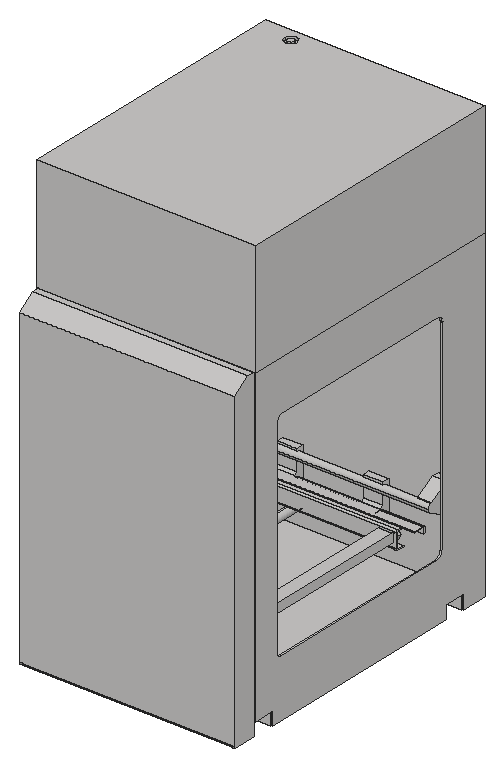
Revit family "QF_ZANUSSI_534411_NCDSRE56", category Specialty Equipment, Revit 2018
Family settings
  Round Connector Dimension = Use Diameter
  Part Type = Normal
  Work Plane-Based = No
  Always vertical = Yes
  Cut with Voids When Loaded = No
  Shared = No
  Room Calculation Point = No
Parameters (values of type "QF_ZANUSSI_534411_NCDSRE56")
  Weight = 40.00 kg
  Watts = 408.773 W
  Volts = 380 V
  URL Manufacturer = "http://www.zanussiprofessional.com"
  URL = "http://www.zanussiprofessional.com"
  Steam Supply Size = 0 mm
  Steam Supply Minimum Pressure = 0.0 Pa
  Steam Supply Maximum Pressure = 0.0 Pa
  Steam Pounds per Hour = 0
  Show Clearance [instance] = yes
  Refrigeration Suction Line Size = 0 mm
  Refrigeration Liquid Line Size = 0 mm
  Refrigerant Compressor Remote = yes
  Manufacturer = "Zanussi"
  Phase = 3
  Model = "NCDSRE56"
  Length Actual = 872 mm  # constant formula
  Item Number = "534411"
  Hot Water Size = 0 mm
  Height Actual = 877 mm  # constant formula
  HP = "5.9 HP"
  Gas Size = 0 mm
  Gas KW = 0
  Gas Input Pressure = 0 W
  Description = "CORNER DRYER FOR SINGLE RINSE RT, ELECTRIC, 50HZ & 60HZ"
  Depth Actual = 872 mm  # constant formula
  Cycle = 60 Hz
  Condensate Return Size = 0 mm
  Compressed Air Volume = 0.0 L/s
  Compressed Air Size = 0 mm
  Compressed Air Pressure = 0.0 Pa
  Cold Water Size = 0 mm
  Accessory = yes
Types (2, lengths in mm): name | URL | Manufacturer | Phase | Model | Description
  (no name) | 0 | 0 | 0 | 0 | 0
  QF_ZANUSSI_534411_NCDSRE56 | "http://www.zanussiprofessional.com" | "Zanussi" | 3 | "NCDSRE56" | "CORNER DRYER FOR SINGLE RINSE RT, ELECTRIC, 50HZ & 60HZ"
Values of the unnamed type that differ from the named types
  Watts = 0 W
  Volts = 0 V
  URL Manufacturer = ""
  Item Number = ""
  HP = ""
  Cycle = 0 Hz
Reference planes
  plane 1: z = 0
  plane 2 "Center Y": x = 293.437
  plane 3 "LEFT": x = 13.437
  plane 4 "RIGHT": x = 573.437
  plane 5 "BACK": y = 383.258
  plane 6 "FRONT": y = -408.742
  plane 7: z = 150
  plane 8: y = -16.742
Forms (mm)
  Extrusion 1, solid, material "QF_Clearance", visible <- "Show Clearance", detail levels coarse
    sketch origin (0, 0, 0) x (1, 0, 0) y (0, 1, 0)
      loop
        line (13.437, 383.258) -> (573.437, 383.258) -> (573.437, 433.258) -> (13.437, 433.258) -> (13.437, 383.258)
    from 658 to 1785
  Extrusion 2, solid, material "QF_Finishes_Stainless Steel"
    sketch origin (13.437, 437.565, 4000) x (0, 1, 0) y (0, 0, 1)
      loop
        line (-730.807, -3340) -> (-177.807, -3340) -> (-177.807, -3305) -> (-121.807, -3305) -> (-121.807, -3340) -> (-54.307, -3340) -> (-54.307, -2507) -> (-786.307, -2507) -> (-786.307, -3305) -> (-730.807, -3305) -> (-730.807, -3340)
      loop
        arc (-206.509, -3192.258) -> (-194.345, -3187.22) -> (-189.307, -3175.057) r 17.201
        line (-189.307, -3175.057) -> (-189.307, -2652.201)
        arc (-189.307, -2652.201) -> (-194.345, -2640.038) -> (-206.509, -2635) r 17.201
        line (-206.509, -2635) -> (-702.106, -2635)
        arc (-702.106, -2635) -> (-714.269, -2640.038) -> (-719.307, -2652.201) r 17.201
        line (-719.307, -2652.201) -> (-719.307, -3175.057)
        arc (-719.307, -3175.057) -> (-714.269, -3187.22) -> (-702.106, -3192.258) r 17.201
        line (-702.106, -3192.258) -> (-206.509, -3192.258)
    from 0 to 5
  Extrusion 3, solid, material "QF_Finishes_Stainless Steel"
    sketch origin (293.437, 0, 235) x (0, 1, 0) y (0, 0, 1)
      loop
        line (383.258, 1550) -> (-348.742, 1550) -> (-348.742, 1258) -> (383.258, 1258) -> (383.258, 1550)
    from -280 to 280
  Extrusion 4, solid, material "QF_Finishes_Stainless Steel"
    sketch origin (293.437, 0, 0) x (0, 1, 0) y (0, 0, 1)
      loop
        line (383.258, 1493) -> (-348.742, 1493) -> (-348.742, 695) -> (-293.242, 695) -> (-293.242, 658) -> (259.758, 658) -> (259.758, 695) -> (315.758, 695) -> (315.758, 658) -> (383.258, 658) -> (383.258, 1493)
      loop
        line (-331.742, 710) -> (308.258, 710) -> (308.258, 1443) -> (-331.742, 1443) -> (-331.742, 710)
    from -275 to 275
  Extrusion 5, solid, material "QF_Finishes_Stainless Steel"
    sketch origin (573.437, 479.936, 4000) x (0, 1, 0) y (0, 0, 1)
      loop
        line (-248.879, -2635) -> (-744.477, -2635)
        arc (-744.477, -2635) -> (-756.64, -2640.038) -> (-761.678, -2652.201) r 17.201
        line (-761.678, -2652.201) -> (-761.678, -3175.057)
        arc (-761.678, -3175.057) -> (-756.64, -3187.22) -> (-744.477, -3192.258) r 17.201
        line (-744.477, -3192.258) -> (-248.879, -3192.258)
        arc (-248.879, -3192.258) -> (-236.716, -3187.22) -> (-231.678, -3175.057) r 17.201
        line (-231.678, -3175.057) -> (-231.678, -2652.201)
        arc (-231.678, -2652.201) -> (-236.716, -2640.038) -> (-248.879, -2635) r 17.201
      loop
        line (-220.178, -3340) -> (-220.178, -3305) -> (-164.178, -3305) -> (-164.178, -3340) -> (-96.678, -3340) -> (-96.678, -2507) -> (-828.678, -2507) -> (-828.678, -3305) -> (-773.178, -3305) -> (-773.178, -3340) -> (-220.178, -3340)
    from -5 to 0
  Extrusion 6, void
    sketch origin (293.437, 383.258, 1785) x (1, 0, 0) y (0, -1, 0)
      loop
        circle (-188, 33.75) r 8
      loop
        circle (-188, 33.75) r 16
    from 0 to 5
  Revolve 7, solid, material "QF_Finishes_Gray"
    sketch origin (360.437, -16.742, 0) x (1, 0, 0) y (0, 0, -1)
      loop
        line (0, -658) -> (39.084, -658) -> (39.084, -648.685) -> (28.095, -648.685) -> (28.095, -636.039) -> (22.236, -632.656) -> (22.236, -612) -> (0, -612) -> (0, -658)
      axis (0, -612) -> (0, -658)
    angle from 0 to 360
Cuts and joins
  Extrusion 6 cuts Extrusion 3
Lines and regions (mm)
  symbolic lines, style "QF_Clearances", visible <- "Show Clearance", detail levels coarse
    curve 1: line (573.437, 433.258, 1785) -> (13.437, 433.258, 1785)
  symbolic lines
    curve 2: line (13.437, 383.258, 0) -> (573.437, 383.258, 0)
    curve 3: line (13.437, -348.742, 0) -> (13.437, 383.258, 0)
    curve 4: line (573.437, -348.742, 0) -> (13.437, -348.742, 0)
    curve 5: line (573.437, 383.258, 0) -> (573.437, -348.742, 0)
    curve 6: line (13.437, 308.258, 0) -> (573.437, 308.258, 0)
    curve 7: line (573.437, -281.742, 0) -> (13.437, -281.742, 0)
Dimensions and locks
  plane 3 "LEFT" to plane 4 "RIGHT" = 560 mm
  plane 5 "BACK" to plane 6 "FRONT" = 792 mm  (x2)
  plane 7 to level = 150 mm
  Extrusion 1 to Extrusion 6 sketch curve = 92 mm
  aligned and locked: level to plane 1
  aligned and locked: cut or joined group of Extrusion 3, Extrusion 6 to plane 3 "LEFT"
  aligned and locked: plane 4 "RIGHT" to cut or joined group of Extrusion 3, Extrusion 6
Nested families
  nested 1: "Door_22'' Dryer" at (50, 3, 0), Show Clearance <- "Show Clearance", type "Door_22'' Dryer"
  nested 2: "Basket_Guide+Wash_Arm_22''" at (0, 0, 0), type "Basket_Guide+Wash_Arm_22''"
Connectors
  electrical at (105.437, 349.508, 1785), driven by "Volts"
    settings: on cut or joined group of Extrusion 3, Extrusion 6, index 5, voltage 380 V, apparent load 0 VA, apparent load phase1 0 VA, apparent load phase2 0 VA, apparent load phase3 0 VA, power factor 1, load classification "Altro", number of poles 1, system type 30, power factor state 1, is connector primary yes, connector utility no, sub classification motor no, connector description "Electrical Connection"
  piping at (360.437, -16.742, 612), diameter 40
    settings: on Revolve 7, index 6, connector inside diameter 609.6 mm, connector length 0 mm, flow factor 0, pipe flow 0.0 L/s, pressure drop 0.0 Pa, fitting loss kfactor 0, connector angle 0.00°, fixture units 0, engagement length 0 mm, angle of deflection 0.00°, flow configuration 1, flow direction 2, fitting loss method 0, system type 16, joint type 0, gender type 0, connector reference index -1, connector utility 0, adjustable connector no, is connector primary yes, connector description "Drain"
Definition of nested family "Door_22'' Dryer"
  Parameters
    Show Clearance [instance] = yes
  Reference planes
    plane 1: z = 0
    plane 2 "Center Y": x = 243.437
    plane 3 "LEFT": x = -36.563
    plane 4 "RIGHT": x = 523.437
    plane 5 "FRONT": y = -411.742
    plane 6: z = 150
    plane 7 "TOP": z = 1785
    plane 8: z = 2095
    plane 9: y = -351.742
  Forms (mm)
    Extrusion 1, solid
      sketch origin (243.437, 0, 0) x (0, 1, 0) y (0, 0, 1)
        loop
          line (-351.742, 658) -> (-351.742, 1493) -> (-371.817, 1493) -> (-411.742, 1463.413) -> (-411.742, 660.5)
          arc (-411.742, 660.5) -> (-411.01, 658.732) -> (-409.242, 658) r 2.5
          line (-409.242, 658) -> (-351.742, 658)
      from -275 to 275
  Lines and regions (mm)
    symbolic lines
      curve 1: line (-31.563, -411.742, 1785) -> (-31.563, -351.742, 1785)
      curve 2: line (518.437, -411.742, 1785) -> (-31.563, -411.742, 1785)
      curve 3: line (518.437, -351.742, 1785) -> (518.437, -411.742, 1785)
  Dimensions and locks
    plane 3 "LEFT" to plane 4 "RIGHT" = 560 mm
    plane 7 "TOP" to plane 6 to level = 1635 mm, 150 mm
    equal spacing: plane 3 "LEFT", plane 2 "Center Y", plane 4 "RIGHT"
    aligned and locked: level to plane 1
  Automatic sketch dimensions
    Extrusion 1 sketch curve to plane 5 "FRONT" = 0 mm
    plane 5 "FRONT" to Extrusion 1 sketch curve = 2.5 mm
    curve 1 to plane 9 = 0 mm
    curve 3 to plane 9 = 0 mm
    curve 2 to plane 5 "FRONT" = 0 mm
    plane 6 to Extrusion 1 sketch curve = 508 mm
    plane 3 "LEFT" to curve 1 = 5 mm
    curve 2 to plane 4 "RIGHT" = 5 mm
    Extrusion 1 sketch curve to plane 9 = 20.076 mm
    Extrusion 1 sketch curve to plane 7 "TOP" = 292 mm
    Extrusion 1 sketch curve to plane 9 = 0 mm
    Extrusion 1 sketch curve to Extrusion 1 sketch curve = 29.587 mm
Definition of nested family "Basket_Guide+Wash_Arm_22''"
  Reference planes
    plane 1: z = 0
    plane 2 "Center Y": x = 293.437
    plane 3 "LEFT": x = 13.437
    plane 4 "RIGHT": x = 573.437
    plane 5: z = 150
    plane 6 "TOP": z = 1785
    plane 7: z = 875
    plane 8: y = 383.258
    plane 9: y = -408.742
  Forms (mm)
    Extrusion 1, solid
      sketch origin (293.437, 0, 0) x (0, 1, 0) y (0, 0, 1)
        loop
          line (-283.687, 929.245) -> (-331.742, 956.99) -> (-331.742, 879.81) -> (-283.687, 907.554) -> (-283.687, 929.245)
        loop
          line (240.203, 929.245) -> (240.203, 907.554) -> (288.258, 879.81) -> (308.258, 879.81) -> (308.258, 956.99) -> (288.258, 956.99) -> (240.203, 929.245)
      from 259 to 223
    Extrusion 2, solid
      sketch origin (293.437, 0, 0) x (0, 1, 0) y (0, 0, 1)
        loop
          line (-283.687, 880.8) -> (-283.687, 933.4) -> (-301.108, 933.4) -> (-301.108, 856.308) -> (-249.185, 804.385) -> (-240.463, 763.388) -> (-239.485, 763.596) -> (-248.268, 804.882) -> (-277.084, 833.698) -> (-240.687, 833.698) -> (-240.687, 855.89) -> (-260.687, 855.89) -> (-260.687, 872.8) -> (-275.687, 872.8) -> (-283.687, 880.8)
        loop
          line (240.203, 880.8) -> (232.203, 872.8) -> (217.203, 872.8) -> (217.203, 855.89) -> (197.203, 855.89) -> (197.203, 833.698) -> (235.015, 833.698) -> (257.624, 856.308) -> (257.624, 933.4) -> (240.203, 933.4) -> (240.203, 880.8)
        loop
          line (-266.685, 1443) -> (-266.685, 1420.164) -> (-244.067, 1380.988) -> (-242.335, 1381.988) -> (-264.685, 1420.7) -> (-264.685, 1443) -> (-266.685, 1443)
      from 135 to 85
    Extrusion 3, solid
      sketch origin (293.437, 0, 0) x (0, 1, 0) y (0, 0, 1)
        loop
          line (-238.687, 858) -> (-238.687, 836) -> (195.203, 836) -> (195.203, 858) -> (-238.687, 858)
      from 195 to 160
    Extrusion 4, solid
      sketch origin (293.437, 0, 0) x (0, 1, 0) y (0, 0, 1)
        loop
          line (-283.687, 929.245) -> (-331.742, 956.99) -> (-331.742, 879.81) -> (-283.687, 907.554) -> (-283.687, 929.245)
        loop
          line (240.203, 929.245) -> (240.203, 907.554) -> (288.258, 879.81) -> (308.258, 879.81) -> (308.258, 956.99) -> (288.258, 956.99) -> (240.203, 929.245)
      from -259 to -223
    Extrusion 5, solid
      sketch origin (293.437, 0, 0) x (0, 1, 0) y (0, 0, 1)
        loop
          circle (-283.687, 918.4) r 10
        loop
          circle (240.203, 918.4) r 10
      from -259 to 259
    Extrusion 6, solid
      sketch origin (293.437, 0, 0) x (0, 1, 0) y (0, 0, 1)
        loop
          line (-283.687, 880.8) -> (-283.687, 933.4) -> (-301.108, 933.4) -> (-301.108, 856.308) -> (-249.185, 804.385) -> (-240.463, 763.388) -> (-239.485, 763.596) -> (-248.268, 804.882) -> (-277.084, 833.698) -> (-240.687, 833.698) -> (-240.687, 855.89) -> (-260.687, 855.89) -> (-260.687, 872.8) -> (-275.687, 872.8) -> (-283.687, 880.8)
        loop
          line (240.203, 880.8) -> (232.203, 872.8) -> (217.203, 872.8) -> (217.203, 855.89) -> (197.203, 855.89) -> (197.203, 833.698) -> (235.015, 833.698) -> (257.624, 856.308) -> (257.624, 933.4) -> (240.203, 933.4) -> (240.203, 880.8)
        loop
          line (-266.685, 1443) -> (-266.685, 1420.164) -> (-244.067, 1380.988) -> (-242.335, 1381.988) -> (-264.685, 1420.7) -> (-264.685, 1443) -> (-266.685, 1443)
      from -135 to -85
    Extrusion 7, solid
      sketch origin (293.437, 0, 0) x (0, 1, 0) y (0, 0, 1)
        loop
          line (233.58, 858) -> (235.58, 858) -> (235.58, 870.68)
          arc (235.58, 870.68) -> (234.315, 873.735) -> (231.26, 875) r 4.32
          line (231.26, 875) -> (203.58, 875) -> (203.58, 873) -> (231.26, 873)
          arc (231.26, 873) -> (232.901, 872.32) -> (233.58, 870.68) r 2.32
          line (233.58, 870.68) -> (233.58, 858)
        loop
          line (-277.064, 858) -> (-277.064, 870.68)
          arc (-277.064, 870.68) -> (-276.384, 872.32) -> (-274.744, 873) r 2.32
          line (-274.744, 873) -> (-247.064, 873) -> (-247.064, 875) -> (-274.744, 875)
          arc (-274.744, 875) -> (-277.799, 873.735) -> (-279.064, 870.68) r 4.32
          line (-279.064, 870.68) -> (-279.064, 858) -> (-277.064, 858)
      from -245 to 245
    Extrusion 8, solid
      sketch origin (293.437, 0, 0) x (0, 1, 0) y (0, 0, 1)
        loop
          line (197.203, 825.32) -> (197.203, 861.68)
          arc (197.203, 861.68) -> (197.883, 863.32) -> (199.523, 864) r 2.32
          line (199.523, 864) -> (217.203, 864) -> (217.203, 866) -> (199.523, 866)
          arc (199.523, 866) -> (196.469, 864.735) -> (195.203, 861.68) r 4.32
          line (195.203, 861.68) -> (195.203, 825.32)
          arc (195.203, 825.32) -> (196.469, 822.265) -> (199.523, 821) r 4.32
          line (199.523, 821) -> (217.203, 821) -> (217.203, 823) -> (199.523, 823)
          arc (199.523, 823) -> (197.883, 823.679) -> (197.203, 825.32) r 2.32
        loop
          arc (-240.687, 825.32) -> (-241.366, 823.679) -> (-243.007, 823) r 2.32
          line (-243.007, 823) -> (-260.687, 823) -> (-260.687, 821) -> (-243.007, 821)
          arc (-243.007, 821) -> (-239.952, 822.265) -> (-238.687, 825.32) r 4.32
          line (-238.687, 825.32) -> (-238.687, 861.68)
          arc (-238.687, 861.68) -> (-239.952, 864.735) -> (-243.007, 866) r 4.32
          line (-243.007, 866) -> (-260.687, 866) -> (-260.687, 864) -> (-243.007, 864)
          arc (-243.007, 864) -> (-241.366, 863.32) -> (-240.687, 861.68) r 2.32
          line (-240.687, 861.68) -> (-240.687, 825.32)
      from -205 to 205
    Extrusion 9, solid
      sketch origin (293.437, 0, 0) x (0, 1, 0) y (0, 0, 1)
        loop
          line (-238.687, 858) -> (-238.687, 836) -> (195.203, 836) -> (195.203, 858) -> (-238.687, 858)
      from -195 to -160
    Extrusion 10, solid
      sketch origin (128.437, 308.258, 1443) x (0, 0, 1) y (-1, 0, 0)
        loop
          line (-650.516, -267.5) -> (-663.507, -260) -> (-676.497, -267.5) -> (-676.497, -282.5) -> (-663.507, -290) -> (-650.516, -282.5) -> (-650.516, -267.5)
        loop
          line (-22.01, -267.5) -> (-35, -260) -> (-47.99, -267.5) -> (-47.99, -282.5) -> (-35, -290) -> (-22.01, -282.5) -> (-22.01, -267.5)
        loop
          line (-650.516, -47.5) -> (-663.507, -40) -> (-676.497, -47.5) -> (-676.497, -62.5) -> (-663.507, -70) -> (-650.516, -62.5) -> (-650.516, -47.5)
        loop
          line (-22.01, -47.5) -> (-35, -40) -> (-47.99, -47.5) -> (-47.99, -62.5) -> (-35, -70) -> (-22.01, -62.5) -> (-22.01, -47.5)
      from 0 to 30
    Extrusion 11, solid
      sketch origin (128.437, 278.258, 1443) x (0, 0, 1) y (-1, 0, 0)
        loop
          circle (-663.507, -275) r 10
        loop
          circle (-35, -275) r 10
        loop
          circle (-663.507, -55) r 10
        loop
          circle (-35, -55) r 10
      from 0 to 537.443
  Cuts and joins
    joined: Extrusion 1, Extrusion 2, Extrusion 3, Extrusion 4, Extrusion 5, Extrusion 6, Extrusion 7, Extrusion 8, Extrusion 9, Extrusion 10, Extrusion 11
  Dimensions and locks
    plane 3 "LEFT" to plane 4 "RIGHT" = 560 mm
    plane 3 "LEFT" to plane 2 "Center Y" to plane 4 "RIGHT" = 280 mm, 280 mm
    plane 6 "TOP" to plane 5 to level = 1635 mm, 150 mm
    plane 9 to plane 8 = 792 mm
    aligned and locked: level to plane 1
